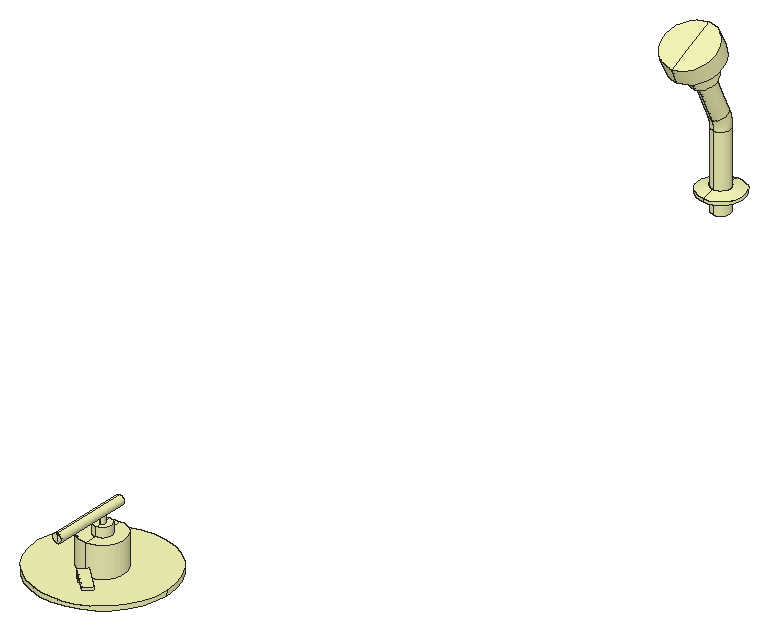
Revit family "Shower_System-Symmons-Dia-Volume_Control-Trim", category Plumbing Fixtures, host Face, Revit 2015
Parameters (values of type "2.5 GPM Flow Restrictor, Trim, Satin Nickel")
  z Wide Lever [instance] = if(z Has Wide Lever Handle, 1, 0)  # 0
  z Visibility [instance] = if(z Error, 1 = 0, 1 = 1)  # yes
  z Valve = Shower_System_Valve-Symmons-Dia-Shower-Volume_Control-Trim : Trim, Satin Nickel
  z Type Option = 1
  z Type Model = if(z Error, 0, if(z Has Trim, 2, if(z Has Rebuild Kit Trim Only, 3, 1)))  # 2
  z Type GPM = 2.5  # constant formula
  z Type Finish = if(or(z Type = 1, z Type = 3), 1, 2)  # 2
  z Type = 2
  z Slip On Tub [instance] = if(z Has Slip On Tub Spout, 1, 0)  # 0
  z Showerhead = Showerhead-Symmons-Dia_Single_Mode : Satin Nickel
  z Reverse Core [instance] = if(z Has Reverse Core, 1, 0)  # 0
  z Pipe Radius [instance] = 0.250"  # constant formula
  z Part Number = if(and(z Type Finish = 1, z Type Model = 1), "S-3501-CYL-B", if(and(z Type Finish = 1, z Type Model = 2), "S-3501-CYL-B-TRM", if(and(z Type Finish = 1, z Type Model = 3), "S-3501-CYL-B-REB-TRM", if(and(z Type Finish = 2, z Type Model = 1), "S-3501-CYL-B-STN", if(and(z Type Finish = 2, z Type Model = 2), "S-3501-CYL-B-STN-TRM", if(and(z Type Finish = 2, z Type Model = 3), "S-3501-CYL-B-STN-REB-TRM", "Not Available"))))))  # "S-3501-CYL-B-STN-TRM"
  z Part Description = if(and(z Type Finish = 1, z Type Model = 1), "Shower System, With Volume Control, Chrome", if(and(z Type Finish = 1, z Type Model = 2), "Shower Trim, With Volume Control, Chrome", if(and(z Type Finish = 1, z Type Model = 3), "Shower Rebuild/Trim, With Volume Control, Chrome", if(and(z Type Finish = 2, z Type Model = 1), "Shower System, With Volume Control, Satin Nickel", if(and(z Type Finish = 2, z Type Model = 2), "Shower Trim, With Volume Control, Satin Nickel", if(and(z Type Finish = 2, z Type Model = 3), "Shower Rebuild/Trim, With Volume Control, Satin Nickel", "Not Available"))))))  # "Shower Trim, With Volume Control, Satin Nickel"
  z Overall Width [instance] = 7.500"  # constant formula
  z Overall Height [instance] = 57.000"  # constant formula
  z Overall Depth [instance] = 9.325"  # constant formula
  z Offset [instance] = 0.000"  # constant formula
  z Integral Service Stops [instance] = if(z Has Integral Service Stops, 1, 0)  # 0
  z Has Wide Lever Handle [instance] = 1 = 0  # no
  z Has Volume Control [instance] = 1 = 1  # yes
  z Has Trim = z Type Option = 1  # yes
  z Has Slip On Tub Spout [instance] = 1 = 0  # no
  z Has Showerhead [instance] = 1 = 1  # yes
  z Has Reverse Core [instance] = 1 = 0  # no
  z Has Rebuild Kit Trim Only = z Type Option = 2  # no
  z Has Integral Service Stops [instance] = 1 = 0  # no
  z Has Check Stops [instance] = 1 = 0  # no
  z Has 2.0 GPM Flow Restrictor [instance] = 1 = 0  # no
  z Has 1.5 GPM Flow Restrictor [instance] = 1 = 0  # no
  z Has .5 Inch Female Connections [instance] = 1 = 0  # no
  z GPM Number = 2.5  # constant formula
  z GPM GPM = 1.000 GPM
  z Flow Rate [instance] = if(z Has 2.0 GPM Flow Restrictor, 2, if(z Has 1.5 GPM Flow Restrictor, 1, 0))  # 0
  z Error Text = "Error: Rebuild Kit already comes with trim"  # constant formula
  z Error Box Width [instance] = if(z Error, z Overall Width + 5.000", 0.100")  # 0.100"
  z Error Box Height [instance] = if(z Error, z Overall Height + 5.000", 0.100") / 2  # 0.050"
  z Error Box Depth [instance] = if(z Error, z Overall Depth + 5.000", 0.100")  # 0.100"
  z Error = and(z Has Trim, z Has Rebuild Kit Trim Only)  # no
  z .5 Inch Female Connections [instance] = if(z Has .5 Inch Female Connections, 1, 0)  # 0
  z  Showerhead [instance] = if(z Has Showerhead, 1, 0)  # 1
  URL = "http://www.symmons.com/"
  Product data url = "https://bimobject.com/symmonsindustries/product/symmons-s-3501-cyl-b"
  Product Page URL = "http://www.symmons.com/Bathroom-Products/Dia/Symmons-Dia-Shower-System-S-3501-CYL-B.aspx"
  Product Material = Nickel - Symmons - Satin
  Product Documentation Link = "http://www.symmons.com/~/media/Files/Symmons/Products/Dia/S3501CYLB_Dia_sub.pdf"
  Part Number [instance] = if(z Error, z Error Text, z Part Number)  # "S-3501-CYL-B-STN-TRM"
  Part Description [instance] = if(z Error, z Error Text, z Part Description)  # "Shower Trim, With Volume Control, Satin Nickel"
  Model Disclaimer = "Contact Symmons Industries, Inc. For More Information"  # constant formula
  Model = if(z Error, z Error Text, z Part Number)  # "S-3501-CYL-B-STN-TRM"
  Manufacturer = "Symmons Industries, Inc."  # constant formula
  Gallons Per Minute = z GPM GPM * z GPM Number  # 2.500 GPM
  Family Version = "1.0"  # constant formula
  Equipment Number [instance] = ""
  Equipment Abbreviation = "SS"
  Description = if(z Error, z Error Text, z Part Description)  # "Shower Trim, With Volume Control, Satin Nickel"
  Default Elevation = 32.000"  # constant formula
  Date Modified = "January 30, 2015"  # constant formula
  Date Created = "January 30, 2015"  # constant formula
  Copyright = "©2015 Symmons Industries, Inc."  # constant formula
Types (4): name | z Valve | z Type Option | z Type Model | z Type Finish | z Type | z Showerhead | z Part Number | z Part Description | z Has Trim | z Has Rebuild Kit Trim Only | Product Material | Part Number | Part Description | Model | Description
  2.5 GPM Flow Restrictor, Trim, Chrome | Shower_System_Valve-Symmons-Dia-Shower-Volume_Control-Trim : Trim, Chrome | 1 | 2 | 1 | 1 | Showerhead-Symmons-Dia_Single_Mode : Chrome | "S-3501-CYL-B-TRM" | "Shower Trim, With Volume Control, Chrome" | yes | no | Chrome - Symmons - Polished | "S-3501-CYL-B-TRM" | "Shower Trim, With Volume Control, Chrome" | "S-3501-CYL-B-TRM" | "Shower Trim, With Volume Control, Chrome"
  2.5 GPM Flow Restrictor, Trim, Satin Nickel | Shower_System_Valve-Symmons-Dia-Shower-Volume_Control-Trim : Trim, Satin Nickel | 1 | 2 | 2 | 2 | Showerhead-Symmons-Dia_Single_Mode : Satin Nickel | "S-3501-CYL-B-STN-TRM" | "Shower Trim, With Volume Control, Satin Nickel" | yes | no | Nickel - Symmons - Satin | "S-3501-CYL-B-STN-TRM" | "Shower Trim, With Volume Control, Satin Nickel" | "S-3501-CYL-B-STN-TRM" | "Shower Trim, With Volume Control, Satin Nickel"
  2.5 GPM Flow Restrictor, Rebuild Kit, Chrome | Shower_System_Valve-Symmons-Dia-Shower-Volume_Control-Trim : Rebuild Kit, Chrome | 2 | 3 | 1 | 1 | Showerhead-Symmons-Dia_Single_Mode : Chrome | "S-3501-CYL-B-REB-TRM" | "Shower Rebuild/Trim, With Volume Control, Chrome" | no | yes | Chrome - Symmons - Polished | "S-3501-CYL-B-REB-TRM" | "Shower Rebuild/Trim, With Volume Control, Chrome" | "S-3501-CYL-B-REB-TRM" | "Shower Rebuild/Trim, With Volume Control, Chrome"
  2.5 GPM Flow Restrictor, Rebuild Kit, Satin Nickel | Shower_System_Valve-Symmons-Dia-Shower-Volume_Control-Trim : Rebuild Kit, Satin Nickel | 2 | 3 | 2 | 2 | Showerhead-Symmons-Dia_Single_Mode : Satin Nickel | "S-3501-CYL-B-STN-REB-TRM" | "Shower Rebuild/Trim, With Volume Control, Satin Nickel" | no | yes | Nickel - Symmons - Satin | "S-3501-CYL-B-STN-REB-TRM" | "Shower Rebuild/Trim, With Volume Control, Satin Nickel" | "S-3501-CYL-B-STN-REB-TRM" | "Shower Rebuild/Trim, With Volume Control, Satin Nickel"
Reference planes (in)
  plane 1 "Center (Front/Back)": y = 0
  plane 2 "Center (Elevation)": z = 0
  plane 3 "Center (Left/Right)": x = 0
  plane 4: x = -3.75
  plane 5: y = 28.5
  plane 6: x = 3.75
  plane 7: z = 0
  plane 8: z = 9.325
  plane 9: y = -12
  plane 10: y = 45
  plane 11: z = 0.1
Dimensions and locks (in)
  equal spacing: plane 4, plane 3 "Center (Left/Right)", plane 6
  "z Overall Width": plane 4 to plane 6
  plane 5 to plane 1 "Center (Front/Back)" = 28.500"
  "z Offset": plane 7 to plane 2 "Center (Elevation)"
  "z Overall Depth": plane 8 to plane 7
  locked: plane 1 "Center (Front/Back)" to plane 9 at 12
  locked: plane 10 to plane 1 "Center (Front/Back)" at 45
  "z Error Box Depth": plane 11 to plane 7
  plane 10 to plane 9 = 57.000"
  aligned and locked: plane 2 "Center (Elevation)" to host face
  aligned and locked: level to host face
  aligned and locked: plane 3 "Center (Left/Right)" to nested 1
  aligned and locked: nested 1 to plane 10
  aligned and locked: plane 1 "Center (Front/Back)" to nested 2
  aligned and locked: plane 3 "Center (Left/Right)" to nested 2
Automatic sketch dimensions
  host sketch curve to host sketch curve = 7.500"
  host sketch curve to host sketch curve = 51.36012"
Nested families (in)
  nested 1: "Showerhead-Symmons-Dia_Single_Mode" at (0, 45, 0), type <- "z Showerhead", type "Satin Nickel"
    with z Pipe Radius 0.500", z Overall Width 2.500", z Overall Height 2.500", z Overall Depth 7.500", z Offset 1.000", Part Number "352SH-2.0", Part Description "Single Mode Showerhead, 2.0 Flow Rate Restrictor, Chrome", Equipment Number ""
  nested 2: "Shower_System_Valve-Symmons-Dia-Shower-Volume_Control-Trim" at (0, 0, 0), type <- "z Valve", type "Trim, Satin Nickel"
    with zz Length 9 7.500", zz Length 10 6.875", Part Number "S-3500-CYL-B-STN-TRM", Part Description "Trim only, mixing valve ordered separately, Satin Nickel", Equipment Number "", zz Integer 12 6000002
Connectors (in)
  piping at (0, 45, -1), diameter 0.5, driven by "z Pipe Radius", driven by "Gallons Per Minute"
    settings: on nested 1, index 1, connector inside diameter 1/2", connector length 0.000", flow factor 0, pipe flow 2.500 GPM, pressure drop 0.00 psi, fitting loss kfactor 0, connector angle 0.000°, fixture units 0, engagement length 0.000", angle of deflection 0.000°, flow configuration 0, flow direction 1, fitting loss method 0, system type 29, joint type 0, gender type 0, connector reference index -1, connector utility 0, adjustable connector no, is connector primary yes, connector description "Showerhead Water Supply"
Definition of nested family "Showerhead-Symmons-Dia_Single_Mode"
  Parameters
    z Type GPM = 2
    z Type Flow Restrictor = 1
    z Type Finish = 1
    z Pipe Radius [instance] = 0.500"  # constant formula
    z Overall Width [instance] = 2.500"  # constant formula
    z Overall Height [instance] = 2.500"  # constant formula
    z Overall Depth [instance] = 7.500"  # constant formula
    z Offset [instance] = 1.000"  # constant formula
    z GPM Number = if(z Type GPM = 2, 2, if(z Type GPM = 2.5, 2.5, 0))  # 2
    z GPM GPM = 1.000 GPM
    URL = "http://www.symmons.com/"
    Product Page URL = "http://www.symmons.com/Bathroom-Products/Duro/Symmons-Duro-Showerhead-362SH.aspx"
    Product Material = none
    Product Documentation Link = ""
    Part Number [instance] = if(and(z Type Finish = 1, z Type Flow Restrictor = 1), "352SH-2.0", if(and(z Type Finish = 2, z Type Flow Restrictor = 1), "352SH-STN-2.0", if(and(z Type Finish = 3, z Type Flow Restrictor = 0), "352SH", if(and(z Type Finish = 4, z Type Flow Restrictor = 0), "352SH-STN", "Not Available"))))  # "352SH-2.0"
    Part Description [instance] = if(and(z Type Finish = 1, z Type Flow Restrictor = 1), "Single Mode Showerhead, 2.0 Flow Rate Restrictor, Chrome", if(and(z Type Finish = 2, z Type Flow Restrictor = 1), "Single Mode Showerhead, 2.0 Flow Rate Restrictor, Satin Nickel", if(and(z Type Finish = 3, z Type Flow Restrictor = 0), "Single Mode Showerhead, Chrome", if(and(z Type Finish = 4, z Type Flow Restrictor = 0), "Single Mode Showerhead, Satin Nickel", "Not Available"))))  # "Single Mode Showerhead, 2.0 Flow Rate Restrictor, Chrome"
    Model Disclaimer = "Contact Symmons Industries, Inc. For More Information"  # constant formula
    Model = "See Part Number"  # constant formula
    Manufacturer = "Symmons Industries, Inc."  # constant formula
    Gallons Per Minute = z GPM GPM * z GPM Number  # 2.000 GPM
    Family Version = "1.0"  # constant formula
    Equipment Number [instance] = ""
    Equipment Abbreviation = "SH"
    Description = "See Part Description"  # constant formula
    Default Elevation = 77.000"  # constant formula
    Date Modified = "January 30, 2015"  # constant formula
    Date Created = "January 30, 2015"  # constant formula
    Copyright = "©2015 Symmons Industries, Inc."  # constant formula
  Reference planes (in)
    plane 1 "Center (Front/Back)": y = 0
    plane 2 "Center (Elevation)": z = 0
    plane 3 "Center (Left/Right)": x = 0
    plane 4: x = -1.25
    plane 5: y = 1.25
    plane 6: y = -1.25
    plane 7: x = 1.25
    plane 8: z = -1
    plane 9: z = 6.5
    plane 10: z = 0
    plane 11: y = -0.5
    plane 12: z = 0.33234
    plane 13: z = 0.15
    plane 14: y = -0.5695
  Forms (in)
    Extrusion 1, solid
      sketch origin (0, 0, 0) x (1, 0, 0) y (0, 1, 0)
        loop
          line (-0.25, 0.25) -> (-0.25, -0.25) -> (0.25, -0.25) -> (0.25, 0.25) -> (-0.25, 0.25)
      from 0 to -0.07714
    Revolve 2, solid, material <- "Product Material"
      sketch origin (0, 0, 0) x (0, 1, 0) y (0, 0, 1)
        loop
          line (-0.5, -1) -> (0, -1) -> (0, 0.33234) -> (-0.5695, 0.33234) -> (-1.25, 0.15) -> (-1.25, 0) -> (-0.5, 0) -> (-0.5, -1)
        axis (0, -1) -> (0, 0.33234)
      angle from 0 to 360
    Sweep 3, solid, material <- "Product Material"
      path origin (0, 0, 0) x (0, 1, 0) y (0, 0, 1)
        loop
          line (0, 0.33234) -> (0, 3.38992)
          arc (0, 3.38992) -> (-0.04792, 3.8251) -> (-0.18938, 4.23943) r 2
          line (-0.18938, 4.23943) -> (-1.25, 6.5)
      profile origin (0, 0, 1.86113) x (0, -1, 0) y (1, 0, 0)
        loop
          circle (0, 0) r 0.5
    Revolve 4, solid, material <- "Product Material"
      sketch origin (0, 0, 0) x (0, 1, 0) y (0, 0, 1)
        loop
          line (-1.25, 6.5) -> (-2.22949, 8.58767) -> (-3.58746, 7.95053) -> (-3.17663, 7.07491) -> (-2.24755, 6.86042) -> (-1.92898, 6.18143) -> (-1.25, 6.5)
        axis (-1.25, 6.5) -> (-2.22949, 8.58767)
      angle from 0 to 360
  Cuts and joins
    joined: Revolve 2, Sweep 3
  Lines and regions (in)
    Masking region 1
      outline origin (0, 0, 0) x (1, 0, 0) y (0, 0, 1)
        loop
          line (-1.25, 0) -> (-0.5, 0) -> (-0.5, -1) -> (0.5, -1) -> (0.5, 0) -> (1.25, 0) -> (1.25, 0.14959) -> (0.5695, 0.33234) -> (0.5, 0.33234) -> (0.5, 6.26256)
          spline (0.5, 6.26256) -> (0.53792, 6.27801) -> (0.5732, 6.29456) -> (0.60567, 6.31211) -> (0.63516, 6.33059) -> (0.66153, 6.3499) -> (0.68465, 6.36995) -> (0.70441, 6.39063) -> (0.72072, 6.41185) -> (0.73348, 6.43351) -> (0.74264, 6.45549) -> (0.74816, 6.47769) -> (0.75, 6.5)
          line (0.75, 6.5) -> (0.75, 7.07479) -> (1.25, 7.36347) -> (1.49591, 7.60938) -> (1.49591, 8.60938)
          spline (1.49591, 8.60938) -> (1.44494, 8.76866) -> (1.2955, 8.91709) -> (1.05777, 9.04454) -> (0.74795, 9.14235) -> (0.38717, 9.20383) -> (0, 9.2248) -> (-0.38717, 9.20383) -> (-0.74795, 9.14235) -> (-1.05777, 9.04454) -> (-1.2955, 8.91709) -> (-1.44494, 8.76866) -> (-1.49591, 8.60938)
          line (-1.49591, 8.60938) -> (-1.49591, 7.60938) -> (-1.25, 7.36347) -> (-0.75, 7.07479) -> (-0.75, 6.5)
          spline (-0.75, 6.5) -> (-0.74816, 6.47769) -> (-0.74264, 6.45549) -> (-0.73348, 6.43351) -> (-0.72072, 6.41185) -> (-0.70441, 6.39063) -> (-0.68465, 6.36995) -> (-0.66153, 6.3499) -> (-0.63516, 6.33059) -> (-0.60567, 6.31211) -> (-0.5732, 6.29456) -> (-0.53792, 6.27801) -> (-0.5, 6.26256)
          line (-0.5, 6.26256) -> (-0.5, 0.33234) -> (-0.5695, 0.33234) -> (-1.25, 0.14959) -> (-1.25, 0)
    symbolic lines, detail levels fine
      curve 1: line (-0.5, 0, 0.33234) -> (0.5, 0, 0.33234)
      curve 2: line (-1.25, 0, 0.14959) -> (1.25, 0, 0.14959)
      curve 3: spline (-0.5, 0, 6.26256) -> (-0.67885, 0, 6.36457) -> (-0.74948, 0, 6.48818) -> (-0.70063, 0, 6.61367) -> (-0.54008, 0, 6.72104) -> (-0.29343, 0, 6.79317) -> (0, 0, 6.81857) -> (0.29343, 0, 6.79317) -> (0.54008, 0, 6.72104) -> (0.70063, 0, 6.61367) -> (0.74948, 0, 6.48818) -> (0.67885, 0, 6.36457) -> (0.5, 0, 6.26256)
      curve 4: spline (-1.49591, 1.25, 7.60938) -> (-1.44494, 1.25, 7.80085) -> (-1.2955, 1.25, 7.97927) -> (-1.05777, 1.25, 8.13249) -> (-0.74795, 1.25, 8.25006) -> (-0.38717, 1.25, 8.32397) -> (0, 1.25, 8.34917) -> (0.38717, 1.25, 8.32397) -> (0.74795, 1.25, 8.25006) -> (1.05777, 1.25, 8.13249) -> (1.2955, 1.25, 7.97927) -> (1.44494, 1.25, 7.80085) -> (1.49591, 1.25, 7.60938)
      curve 5: spline (-0.5, 1.25, 6.5) -> (-0.48296, 1.25, 6.55497) -> (-0.43301, 1.25, 6.60619) -> (-0.35355, 1.25, 6.65017) -> (-0.25, 1.25, 6.68392) -> (-0.12941, 1.25, 6.70514) -> (0, 1.25, 6.71238) -> (0.12941, 1.25, 6.70514) -> (0.25, 1.25, 6.68392) -> (0.35355, 1.25, 6.65017) -> (0.43301, 1.25, 6.60619) -> (0.48296, 1.25, 6.55497) -> (0.5, 1.25, 6.5)
      curve 6: line (-0.5, 1.25, 6.5) -> (-0.5, 1.25, 6.26256)
      curve 7: line (0.5, 1.25, 6.5) -> (0.5, 1.25, 6.26256)
  Dimensions and locks (in)
    equal spacing: plane 4, plane 3 "Center (Left/Right)", plane 7
    "z Overall Width": plane 4 to plane 7
    equal spacing: plane 5, plane 1 "Center (Front/Back)", plane 6
    "z Overall Height": plane 5 to plane 6
    "z Overall Depth": plane 9 to plane 8
    plane 12 to plane 13 to plane 10 to plane 8 = 0.18234" locked, 0.150" locked, 1.000" locked
    plane 6 to plane 14 to plane 11 = 0.6805" locked, 0.0695" locked
    plane 9 to Revolve 4 sketch curve to Revolve 4 sketch curve to Revolve 4 sketch curve to Revolve 4 sketch curve = 0.53094" locked, 0.750" locked, 0.58882" locked, 0.96721" locked
    "z Offset": plane 2 "Center (Elevation)" to plane 8
    Masking region 1 sketch curve to Masking region 1 sketch curve to Masking region 1 sketch curve to Masking region 1 sketch curve to Masking region 1 sketch curve to plane 3 "Center (Left/Right)" to Masking region 1 sketch curve to Masking region 1 sketch curve to Masking region 1 sketch curve to Masking region 1 sketch curve to Masking region 1 sketch curve = 0.74591" locked, 0.1805" locked, 0.0695" locked, 0.000" locked, 0.500" locked, 0.500" locked, 0.000" locked, 0.0695" locked, 0.1805" locked, 0.74591" locked
    Masking region 1 sketch curve to Masking region 1 sketch curve to plane 2 "Center (Elevation)" = 0.000" locked, 0.33234" locked
    plane 9 to Revolve 4 sketch curve to Revolve 4 sketch curve = 1.13164" locked, 0.750" locked
    locked: Revolve 4 sketch curve to Revolve 4 sketch curve at 1.5
    locked: curve 2 to plane 8 at 1.14959
    equal spacing: curve 1, plane 3 "Center (Left/Right)", curve 1
    locked: curve 1 to curve 1 at 1
    locked: curve 1 to plane 8 at 1.33234
    equal spacing: curve 3, plane 3 "Center (Left/Right)", curve 3
    locked: curve 3 to curve 3 at 1
    locked: curve 4 to plane 9 at 1.10938
    equal spacing: curve 4, plane 3 "Center (Left/Right)", curve 4
    locked: curve 4 to curve 4 at 2.99182
    curve 4 to curve 4 to plane 9 = 0.000" locked, 1.10938" locked
    Masking region 1 sketch curve to plane 9 to Masking region 1 sketch curve to Masking region 1 sketch curve to Masking region 1 sketch curve = 0.000" locked, 0.000" locked, 0.23744" locked, 0.000" locked
    plane 9 to curve 6 to curve 7 = 0.23744" locked, 0.000" locked
    aligned and locked: plane 2 "Center (Elevation)" to Extrusion 1
    aligned and locked: level to Extrusion 1
    aligned and locked: Revolve 2 sketch curve to plane 1 "Center (Front/Back)"  (x2)
    aligned and locked: plane 10 to Revolve 2 sketch curve
    aligned and locked: plane 6 to Revolve 2 sketch curve  (x2)
    aligned and locked: Revolve 2 sketch curve to plane 12
    aligned and locked: Revolve 2 sketch curve to plane 8
    aligned and locked: Revolve 2 sketch curve to plane 11
    aligned and locked: plane 13 to Revolve 2 sketch curve
    aligned and locked: Revolve 2 sketch curve to plane 14
    aligned and locked: plane 1 "Center (Front/Back)" to Sweep 3 sketch curve
    aligned and locked: plane 3 "Center (Left/Right)" to Sweep 3 sketch curve
    aligned and locked: Masking region 1 sketch curve to plane 8
    aligned and locked: Masking region 1 sketch curve to plane 2 "Center (Elevation)"  (x2)
    aligned and locked: plane 7 to curve 2
    aligned and locked: plane 4 to curve 2
    aligned and locked: plane 9 to Masking region 1 sketch curve  (x2)
    aligned and locked: plane 3 "Center (Left/Right)" to Masking region 1 sketch curve  (x2)
    aligned and locked: plane 9 to curve 5  (x2)
    aligned and locked: plane 3 "Center (Left/Right)" to curve 5
    aligned and locked: plane 9 to curve 6
  Automatic sketch dimensions
    Extrusion 1 sketch curve to Extrusion 1 sketch curve = 0.500"  (x2)
    Revolve 2 sketch curve to level = 24.000"
    plane 9 to Revolve 2 sketch curve = 79.77586"
    Sweep 3 sketch curve to plane 6 = 0.000"
    Sweep 3 sketch curve to plane 1 "Center (Front/Back)" = 0.000"
    Sweep 3 sketch curve to plane 9 = 0.000"
    Sweep 3 sketch curve to plane 6 = 0.750"
    plane 1 "Center (Front/Back)" to Sweep 3 sketch curve = 0.18938"
    Sweep 3 sketch curve to plane 9 = 2.26057"
    plane 8 to Sweep 3 sketch curve = 1.33234"
    Revolve 4 sketch curve to plane 6 = 0.000"
    Revolve 4 sketch curve to plane 9 = 0.000"  (x2)
    Revolve 4 sketch curve to plane 6 = 1.80521"
    Revolve 4 sketch curve to Revolve 4 sketch curve = 1.7599"
    Masking region 1 sketch curve to plane 4 = 0.000"  (x2)
    Masking region 1 sketch curve to plane 7 = 0.000"  (x2)
    Masking region 1 sketch curve to Masking region 1 sketch curve = 0.14959"  (x2)
    Masking region 1 sketch curve to Masking region 1 sketch curve = 0.57479"  (x2)
    Masking region 1 sketch curve to Masking region 1 sketch curve = 0.28868"  (x2)
    Masking region 1 sketch curve to Masking region 1 sketch curve = 0.24591"  (x2)
    Masking region 1 sketch curve to Masking region 1 sketch curve = 1.000"
    curve 3 to plane 9 = 0.000"
    curve 3 to plane 3 "Center (Left/Right)" = 0.000"
    curve 3 to curve 3 = 0.250"
    curve 5 to curve 5 = 0.500"
    curve 3 to plane 9 = 0.23744"
    radius of Sweep 3 sketch curve = 0.500"
  Connectors (in)
    piping at (0, 0, -1), diameter 1, driven by "z Pipe Radius", driven by "Gallons Per Minute"
      settings: on Revolve 2, index 1, connector inside diameter 1", connector length 0.000", flow factor 0, pipe flow 2.000 GPM, pressure drop 0.00 psi, fitting loss kfactor 0, connector angle 0.000°, fixture units 0, engagement length 0.000", angle of deflection 0.000°, flow configuration 0, flow direction 1, fitting loss method 0, system type 22, joint type 0, gender type 0, connector reference index -1, connector utility 0, adjustable connector no, is connector primary yes, connector description "Shower Head Water Supply"
Definition of nested family "Shower_System_Valve-Symmons-Dia-Shower-Volume_Control-Trim"
  Parameters
    zz Length 9 [instance] = 7.500"  # constant formula
    zz Length 10 [instance] = 6.875"  # constant formula
    zz Integer 12 = 7000001
    URL = "http://www.symmons.com/"
    Product Page URL = "http://www.symmons.com/Bathroom-Products/Dia/Symmons-Dia-Shower-Valve-S-3500-CYL-B.aspx"
    Product Material = none
    Product Documentation Link = "http://www.symmons.com/~/media/Files/Symmons/Products/Dia/S3500CYLB_Dia_sub.pdf"
    Part Number [instance] = Model  # "S-3500-CYL-B-REB-TRM"
    Part Description [instance] = Description  # "Rebuild kit, Trim only, Chrome"
    Model Disclaimer = "Contact Symmons Industries, Inc. For More Information"  # constant formula
    Model = "S-3500-CYL-B-REB-TRM"
    Manufacturer = "Symmons Industries, Inc."  # constant formula
    Family Version = "1.0"  # constant formula
    Equipment Number [instance] = ""
    Equipment Abbreviation = "SVS"
    Description = "Rebuild kit, Trim only, Chrome"
    Default Elevation = 32.000"  # constant formula
    Date Modified = "January 30, 2015"  # constant formula
    Date Created = "January 30, 2015"  # constant formula
    Copyright = "©2015 Symmons Industries, Inc."  # constant formula
  Reference planes (in)
    plane 1 "Center (Front/Back)": y = 0
    plane 2 "Center (Elevation)": z = 0
    plane 3 "Center (Left/Right)": x = 0
    plane 4: x = -3.75
    plane 5: y = 3.75
    plane 6: y = -3.75
    plane 7: x = 3.75
    plane 8: z = -3.5
    plane 9: z = 3.375
    plane 10: z = 0
    plane 11: z = 0.25
    plane 12: x = 0.28006
    plane 13: x = -0.28006
    plane 14: z = -2.375
    plane 15: y = -5.75
    plane 16: x = -0.05
    plane 17: y = 0.05
    plane 18: x = 0.05
    plane 19: y = -0.05
    plane 20: z = 0.1
    plane 21: z = 2.875
    plane 22: z = 2.5
    plane 23: z = 2
    plane 24: z = -1.30783
    plane 25: z = -0.80783
    plane 26: z = -0.56163
    plane 27: z = -0.25
    plane 28: z = 3.125
  Forms (in)
    Extrusion 1, solid
      sketch origin (0, 0, 0) x (1, 0, 0) y (0, 1, 0)
        loop
          line (-2, 2) -> (-2, -2) -> (2, -2) -> (2, 2) -> (-2, 2)
      from 0 to -0.25
    Extrusion 2, solid, material <- "Product Material"
      sketch origin (0, 0, 0) x (1, 0, 0) y (0, 1, 0)
        loop
          circle (0, 0) r 3.75
      from 0 to 0.25
    Extrusion 3, solid, material <- "Product Material"
      sketch origin (-0.88388, -0.54836, 0) x (-0.707107, 0.707107, 0) y (0, 0, 1)
        loop
          line (-1.25, 0.25) -> (-1.25, 0.75) -> (-3.08292, 0.75) -> (-3.08292, 0.64028) -> (-1.64776, 0.64028) -> (-1.64776, 0.25) -> (-1.25, 0.25)
      from -0.28006 to 0.28006
    Revolve 4, solid, material <- "Product Material"
      sketch origin (0, 0, 0) x (0, 1, 0) y (0, 0, 1)
        loop
          line (-1.25, 0.25) -> (0, 0.25) -> (0, 2.5) -> (-0.5, 2.5) -> (-0.5, 2) -> (-1.25, 2) -> (-1.25, 0.25)
        axis (0, 2.5) -> (0, 0.25)
      angle from 0 to 360
    Extrusion 5, solid, not visible
      sketch origin (0, 0, 0) x (1, 0, 0) y (0, 1, 0)
        loop
          line (-0.05, 0.05) -> (-0.05, -0.05) -> (0.05, -0.05) -> (0.05, 0.05) -> (-0.05, 0.05)
      from 0 to 0.1
    Revolve 6, solid, material <- "Product Material"
      sketch origin (0, 0, 0) x (0, 1, 0) y (0, 0, 1)
        loop
          line (0, 2.5) -> (0, 3.09917) -> (-0.15, 3.09917) -> (-0.15, 2.5) -> (0, 2.5)
        axis (0, 2.5) -> (0, 3.09917)
      angle from 0 to 360
    Revolve 7, solid, material <- "Product Material"
      sketch origin (0, 0, 0) x (0, 1, 0) y (0, 0, 1)
        loop
          line (1.25, 3.125) -> (1.25, 3.375) -> (-3.30959, 3.375) -> (-3.30959, 3.125) -> (1.25, 3.125)
        axis (-3.30959, 3.125) -> (1.25, 3.125)
      angle from 0 to 360
  Cuts and joins
    joined: Extrusion 2, Revolve 4, Revolve 6, Revolve 7
  Lines and regions (in)
    Masking region 1
      outline origin (0, 0, 0) x (1, 0, 0) y (0, 0, 1)
        loop
          line (0, 3.375) -> (-0.28006, 3.375) -> (-0.28006, 2.5) -> (-0.5, 2.5) -> (-0.5, 2) -> (-1.25, 2) -> (-1.25, 0.25) -> (-3.75, 0.25) -> (-3.75, 0) -> (3.75, 0) -> (3.75, 0.25) -> (1.25, 0.25) -> (1.25, 2) -> (0.5, 2) -> (0.5, 2.5) -> (0.28006, 2.5) -> (0.28006, 3.375) -> (0, 3.375)
    symbolic lines, detail levels fine
      curve 1: line (-0.28006, 0, 2.875) -> (0.28006, 0, 2.875)
      curve 2: line (-0.28006, 0, 2.5) -> (0.28089, 0, 2.5)
      curve 3: line (-0.5, 0, 2) -> (0.5, 0, 2)
      curve 4: line (-1.25, 0, 0.25) -> (1.25, 0, 0.25)
  Dimensions and locks (in)
    equal spacing: plane 4, plane 3 "Center (Left/Right)", plane 7
    "zz Length 9": plane 4 to plane 7
    equal spacing: plane 5, plane 1 "Center (Front/Back)", plane 6
    locked: plane 5 to plane 6 at 7.5
    "zz Length 10": plane 9 to plane 8
    locked: plane 2 "Center (Elevation)" to plane 8 at 3.5
    locked: plane 9 to plane 10 at 3.375
    locked: plane 11 to plane 10 at 0.25
    equal spacing: plane 13, plane 3 "Center (Left/Right)", plane 12
    locked: plane 13 to plane 12 at 0.56011
    plane 6 to Extrusion 3 sketch curve to Extrusion 3 sketch curve to Extrusion 3 sketch curve = 1.02168" locked, 1.01482" locked, 0.28126" locked
    Extrusion 3 sketch curve to Extrusion 3 sketch curve to plane 11 = 0.10972" locked, 0.39028" locked
    locked: Extrusion 3 to Extrusion 3 at 0.56011
    locked: plane 3 "Center (Left/Right)" to Extrusion 3 at 0.19803
    locked: plane 10 to plane 14 at 2.375
    Revolve 4 sketch curve to Revolve 4 sketch curve to plane 1 "Center (Front/Back)" = 0.750" locked, 0.500" locked
    plane 11 to Revolve 4 sketch curve to Revolve 4 sketch curve = 1.750" locked, 0.500" locked
    locked: plane 6 to plane 15 at 2
    equal spacing: plane 17, plane 1 "Center (Front/Back)", plane 19
    locked: plane 17 to plane 19 at 0.1
    equal spacing: plane 16, plane 3 "Center (Left/Right)", plane 18
    locked: plane 16 to plane 18 at 0.1
    locked: plane 20 to plane 10 at 0.1
    Masking region 1 sketch curve to Masking region 1 sketch curve to Masking region 1 sketch curve to Masking region 1 sketch curve to plane 3 "Center (Left/Right)" to plane 12 to Masking region 1 sketch curve to Masking region 1 sketch curve to Masking region 1 sketch curve = 2.500" locked, 0.750" locked, 0.21994" locked, 0.28006" locked, 0.28006" locked, 0.21994" locked, 0.750" locked, 2.500" locked
    Masking region 1 sketch curve to Masking region 1 sketch curve to Masking region 1 sketch curve to Masking region 1 sketch curve to plane 11 = 0.000" locked, 0.500" locked, 0.000" locked, 1.750" locked
    plane 9 to plane 21 to plane 22 to plane 23 = 0.500" locked, 0.375" locked, 0.500" locked
    plane 27 to plane 26 to plane 25 to plane 24 to plane 14 = 0.31163" locked, 0.2462" locked, 0.500" locked, 1.06717" locked
    locked: Revolve 6 sketch curve to plane 1 "Center (Front/Back)" at 0.15
    equal spacing: plane 9, plane 28, plane 21
    Revolve 7 sketch curve to plane 1 "Center (Front/Back)" to Revolve 7 sketch curve = 3.30959" locked, 1.250" locked
    locked: Revolve 6 sketch curve to plane 22 at 0.59917
    aligned and locked: plane 2 "Center (Elevation)" to Extrusion 1
    aligned and locked: level to Extrusion 1
    aligned and locked: Extrusion 2 to plane 10
    aligned and locked: plane 11 to Extrusion 2
    aligned and locked: Extrusion 3 sketch curve to plane 11
    aligned and locked: plane 1 "Center (Front/Back)" to Revolve 4 sketch curve  (x2)
    aligned and locked: plane 11 to Revolve 4 sketch curve
    aligned and locked: Extrusion 5 sketch curve to plane 17
    aligned and locked: plane 16 to Extrusion 5 sketch curve
    aligned and locked: plane 19 to Extrusion 5 sketch curve
    aligned and locked: Extrusion 5 sketch curve to plane 18
    aligned and locked: Extrusion 5 to plane 10
    aligned and locked: plane 20 to Extrusion 5
    aligned and locked: Masking region 1 sketch curve to plane 10
    aligned and locked: Masking region 1 sketch curve to plane 11
    aligned and locked: Masking region 1 sketch curve to plane 9
    aligned and locked: plane 1 "Center (Front/Back)" to Extrusion 2 sketch curve
    aligned and locked: plane 3 "Center (Left/Right)" to Extrusion 2 sketch curve
    aligned and locked: Revolve 6 sketch curve to plane 22
    aligned and locked: Revolve 6 sketch curve to plane 1 "Center (Front/Back)"
    aligned and locked: plane 9 to Revolve 7 sketch curve
    aligned and locked: Revolve 7 sketch curve to plane 28
  Automatic sketch dimensions
    Extrusion 1 sketch curve to Extrusion 1 sketch curve = 4.000"  (x2)
    plane 11 to Extrusion 3 sketch curve = 0.000"
    plane 11 to Extrusion 3 sketch curve = 0.39028"
    Extrusion 3 sketch curve to Extrusion 3 sketch curve = 1.43517"
    Extrusion 3 sketch curve to Extrusion 3 sketch curve = 0.39776"
    Extrusion 3 sketch curve to Extrusion 3 sketch curve = 0.10972"
    Revolve 4 sketch curve to plane 8 = 5.875"
    plane 9 to Revolve 4 sketch curve = 6.750"
    Masking region 1 sketch curve to plane 3 "Center (Left/Right)" = 0.000"
    Masking region 1 sketch curve to plane 12 = 0.000"
    curve 4 to plane 11 = 0.000"
    curve 3 to plane 23 = 0.000"
    curve 2 to plane 13 = 0.000"
    curve 1 to plane 13 = 0.000"
    curve 1 to plane 12 = 0.000"
    curve 2 to plane 22 = 0.000"
    curve 1 to plane 21 = 0.000"
    curve 3 to plane 13 = 0.21994"
    plane 12 to curve 2 = 0.00084"
    plane 12 to curve 3 = 0.21994"
    Masking region 1 sketch curve to plane 11 = 0.000"
    Revolve 7 sketch curve to plane 28 = 0.000"
    Revolve 7 sketch curve to plane 6 = 0.59006"
    plane 5 to Revolve 7 sketch curve = 0.45239"
    Revolve 6 sketch curve to plane 1 "Center (Front/Back)" = 0.000"
    Revolve 6 sketch curve to plane 8 = 20.500"
    plane 9 to Revolve 6 sketch curve = 88.90086"
    curve 4 to plane 13 = 0.96994"
    plane 12 to curve 4 = 0.96994"
    radius of Extrusion 2 sketch curve = 3.750"
